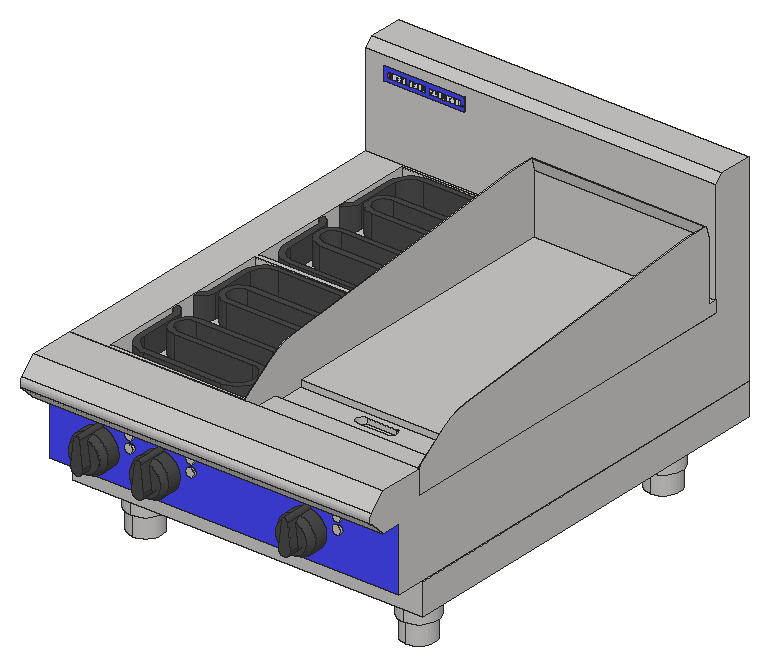
Revit family "QF_MOFFAT_BLUESEAL_CE_E514C-B", category Specialty Equipment, Revit 2012
Parameters
  Width [instance] = 600.0 mm  # constant formula
  Weight in Pounds = 162  # constant formula
  Watts = 8200 W
  Volts = 400 V
  URL Cutsheet = "www.moffat.com"
  URL = "www.moffat.com"
  Type Mark [instance] = ""
  Status [instance] = ""
  Specification by User [instance] = ""
  Specification by Manufacturer = ""
  Show Logo [instance] = yes
  Serial Number = ""
  Seismic Rating = ""
  SMACNA No = ""
  Revision Code [instance] = ""
  Phase = 3
  Omniclass Number and Title = ""
  Number of Poles = 1
  NAFEM Spec ID Number = ""
  Model = "E514C-B"
  Min Ckt Ampacity = 0 A
  Max Overcurrent Protection = 0 A
  Masterspec = ""
  Manufacturer = "MOFFAT BLUESEAL"
  Item Number [instance] = ""
  Installed By [instance] = ""
  Identify Quantity as Lot [instance] = yes
  Height [instance] = 370.0 mm  # constant formula
  HP = ""
  Furnished By [instance] = ""
  Foodservice Equipment Identifier [instance] = yes
  FL Amps = 20 A
  Electrical Remarks = "20A PER PHASE"
  Elec Conn RI Height = 0.0 mm
  Elec Conn Connection Height = 0.0 mm
  Description = "600MM ELECTRIC COOK TOP & GRIDDLE BENCH MOUNT"
  Depth [instance] = 812.0 mm  # constant formula
  Cycle = 50 Hz
  Conn Plug = ""
  Conn Conduit = yes
  CSI MasterFormat = ""
  CSI Master Format = ""
  Base Height [instance] = 85.0 mm
  Apparent Power = if(Phase = 3, Volts * FL Amps * 1.73, Volts * FL Amps)  # 13840 VA
Reference planes
  plane 1 "BACK": y = 0
  plane 2: z = 0
  plane 3 "LEFT": x = 0
  plane 4 "RIGHT": x = 600
  plane 5 "FRONT": y = -812
  plane 6 "TOP": z = 375
  plane 7 "Center Y": x = 300
  plane 8 "Center X": y = -406
  plane 9 "Base Height": z = 85
  plane 10: x = 65
  plane 11: x = 535
  plane 12: z = 485
  plane 13: y = -100
  plane 14: y = -625
Forms (mm)
  Extrusion 1, solid, material "QF_Finishes_Stainless Steel"
    sketch origin (0, 0, 0) x (0, 1, 0) y (0, 0, 1)
      loop
        line (0, 140) -> (0, 485) -> (-57.5, 485) -> (-70, 472.5) -> (-70, 275) -> (-705, 275) -> (-705, 315) -> (-783.97, 315) -> (-808.485, 290.485)
        arc (-808.485, 290.485) -> (-811.999, 282) -> (-808.485, 273.515) r 12
        line (-808.485, 273.515) -> (-784.97, 250) -> (-749, 250) -> (-749, 140) -> (0, 140)
      loop
        line (0, 85) -> (0, 139.206) -> (-699, 139.206) -> (-699, 85) -> (0, 85)
    from 0 to 600
  Revolve 2, solid, material "QF_Finishes_Stainless Steel"
    sketch origin (534.5, -210, 0) x (0, 1, 0) y (0, 0, -1)
      loop
        line (78.25, -85) -> (110, -85) -> (110, 0) -> (82.5, 0) -> (82.5, -35) -> (78.25, -35) -> (78.25, -85)
      axis (110, -85) -> (110, 0)
    angle from 0 to 360
  Revolve 3, solid, material "QF_Finishes_Stainless Steel"
    sketch origin (65.5, -210, 0) x (0, 1, 0) y (0, 0, 1)
      loop
        line (78.25, 85) -> (78.25, 35) -> (82.5, 35) -> (82.5, 0) -> (110, 0) -> (110, 85) -> (78.25, 85)
      axis (110, 85) -> (110, 0)
    angle from 0 to 360
  Extrusion 4, void
    sketch origin (0, -706, 139.206) x (0, 1, 0) y (-1, 0, 0)
      loop
        circle (674, -470) r 13.5
    from 0 to -86.704
  Revolve 5, solid, material "QF_Finishes_Black"
    sketch origin (93.995, 7, -7.2) x (0, 1, 0) y (0, 0, -1)
      loop
        line (-789, -234.5) -> (-766, -234.5) -> (-766, -207) -> (-756, -207) -> (-756, -202) -> (-800, -202) -> (-800, -228.651) -> (-789, -234.5)
      axis (-800, -202) -> (-756, -202)
    angle from 0 to 360
  Extrusion 6, solid, material "QF_Finishes_Black"
    sketch origin (232.265, 0, -7.042) x (-1, 0, 0) y (0, 0, -1)
      loop
        line (143.268, -233.955) -> (148.757, -189.87)
        arc (148.757, -189.87) -> (137.685, -179.371) -> (127.85, -191.037) r 10.487
        line (127.85, -191.037) -> (133.271, -233.955)
        arc (133.271, -233.955) -> (138.27, -238.842) -> (143.268, -233.955) r 5
    from 759 to 808
  Revolve 7, solid, material "QF_Finishes_Stainless Steel"
    sketch origin (534.5, -728, 0) x (0, 1, 0) y (0, 0, -1)
      loop
        line (71.25, -85) -> (103, -85) -> (103, 0) -> (75.5, 0) -> (75.5, -35) -> (71.25, -35) -> (71.25, -85)
      axis (103, -85) -> (103, 0)
    angle from 0 to 360
  Revolve 8, solid, material "QF_Finishes_Stainless Steel"
    sketch origin (65.5, -728, 0) x (0, 1, 0) y (0, 0, 1)
      loop
        line (71.25, 85) -> (71.25, 35) -> (75.5, 35) -> (75.5, 0) -> (103, 0) -> (103, 85) -> (71.25, 85)
      axis (103, 85) -> (103, 0)
    angle from 0 to 360
  Extrusion 9, solid, material "QF_Finishes_Stainless Steel"
    sketch origin (0, -706, 139.206) x (0, 1, 0) y (-1, 0, 0)
      loop
        circle (675, -469.75) r 6.35
    from 0 to -24.206
  Extrusion 10, solid, material "QF_Finishes_Stainless Steel"
    sketch origin (-40, -749, 250) x (0, 0, -1) y (1, 0, 0)
      loop
        circle (45.2, 179) r 7.15
      loop
        circle (25.2, 179) r 7.15
    from 0 to 3.2
  Revolve 11, solid, material "QF_Finishes_Black"
    sketch origin (198.995, 7, -7.2) x (0, 1, 0) y (0, 0, -1)
      loop
        line (-789, -234.5) -> (-766, -234.5) -> (-766, -207) -> (-756, -207) -> (-756, -202) -> (-800, -202) -> (-800, -228.651) -> (-789, -234.5)
      axis (-800, -202) -> (-756, -202)
    angle from 0 to 360
  Extrusion 12, solid, material "QF_Finishes_Black"
    sketch origin (337.265, 0, -7.042) x (-1, 0, 0) y (0, 0, -1)
      loop
        line (143.268, -233.955) -> (148.757, -189.87)
        arc (148.757, -189.87) -> (137.685, -179.371) -> (127.85, -191.037) r 10.487
        line (127.85, -191.037) -> (133.271, -233.955)
        arc (133.271, -233.955) -> (138.27, -238.842) -> (143.268, -233.955) r 5
    from 759 to 808
  Extrusion 13, solid, material "QF_Finishes_Stainless Steel"
    sketch origin (65, -749, 250) x (0, 0, -1) y (1, 0, 0)
      loop
        circle (45.2, 179) r 7.15
      loop
        circle (25.2, 179) r 7.15
    from 0 to 3.2
  Revolve 14, solid, material "QF_Finishes_Black"
    sketch origin (450.3, 7, -7.2) x (0, 1, 0) y (0, 0, -1)
      loop
        line (-789, -234.5) -> (-766, -234.5) -> (-766, -207) -> (-756, -207) -> (-756, -202) -> (-800, -202) -> (-800, -228.651) -> (-789, -234.5)
      axis (-800, -202) -> (-756, -202)
    angle from 0 to 360
  Extrusion 15, solid, material "QF_Finishes_Black"
    sketch origin (588.57, 0, -7.042) x (-1, 0, 0) y (0, 0, -1)
      loop
        line (143.268, -233.955) -> (148.757, -189.87)
        arc (148.757, -189.87) -> (137.685, -179.371) -> (127.85, -191.037) r 10.487
        line (127.85, -191.037) -> (133.271, -233.955)
        arc (133.271, -233.955) -> (138.27, -238.842) -> (143.268, -233.955) r 5
    from 759 to 808
  Extrusion 16, solid, material "QF_Finishes_Stainless Steel"
    sketch origin (316.305, -749, 250) x (0, 0, -1) y (1, 0, 0)
      loop
        circle (45.2, 179) r 7.15
      loop
        circle (25.2, 179) r 7.15
    from 0 to 3.2
Cuts and joins
  joined: Revolve 5, Extrusion 6
  Extrusion 4 cuts Extrusion 1
Lines and regions (mm)
  Split face 1
    outline origin (600, 0, 485) x (-1, 0, 0) y (0, -1, 0)
      loop
        arc (556, 18.385) -> (564.66, 23.385) -> (564.66, 33.385) r 10
        line (564.66, 33.385) -> (560.619, 40.385)
        arc (560.619, 40.385) -> (556.959, 44.045) -> (551.959, 45.385) r 10
        line (551.959, 45.385) -> (324, 45.385)
        arc (324, 45.385) -> (315.34, 40.385) -> (315.34, 30.385) r 10
        line (315.34, 30.385) -> (319.381, 23.385)
        arc (319.381, 23.385) -> (323.041, 19.725) -> (328.041, 18.385) r 10
        line (328.041, 18.385) -> (556, 18.385)
  Split face 2
    outline origin (600, 0, 485) x (-1, 0, 0) y (0, -1, 0)
      loop
        arc (276, 18.385) -> (284.66, 23.385) -> (284.66, 33.385) r 10
        line (284.66, 33.385) -> (280.619, 40.385)
        arc (280.619, 40.385) -> (276.959, 44.045) -> (271.959, 45.385) r 10
        line (271.959, 45.385) -> (44, 45.385)
        arc (44, 45.385) -> (35.34, 40.385) -> (35.34, 30.385) r 10
        line (35.34, 30.385) -> (39.381, 23.385)
        arc (39.381, 23.385) -> (43.041, 19.725) -> (48.041, 18.385) r 10
        line (48.041, 18.385) -> (276, 18.385)
  symbolic lines
    curve 1: line (0, -812, 0) -> (600, -812, 0)
    curve 2: line (0, 0, 0) -> (0, -812, 0)
    curve 3: line (600, 0, 0) -> (0, 0, 0)
    curve 4: line (600, -812, 0) -> (600, 0, 0)
    curve 5: line (0, -57.5, 0) -> (600, -57.5, 0)
    curve 6: line (48.041, -45.385, 0) -> (276, -45.385, 0)
    curve 7: arc (276, -45.385, 0) -> (284.66, -40.385, 0) -> (284.66, -30.385, 0) r 10
    curve 8: line (284.66, -30.385, 0) -> (280.619, -23.385, 0)
    curve 9: arc (280.619, -23.385, 0) -> (276.959, -19.725, 0) -> (271.959, -18.385, 0) r 10
    curve 10: line (271.959, -18.385, 0) -> (44, -18.385, 0)
    curve 11: arc (44, -18.385, 0) -> (35.34, -23.385, 0) -> (35.34, -33.385, 0) r 10
    curve 12: line (35.34, -33.385, 0) -> (39.381, -40.385, 0)
    curve 13: arc (39.381, -40.385, 0) -> (43.041, -44.045, 0) -> (48.041, -45.385, 0) r 10
    curve 14: line (556, -45.385, 0) -> (328.041, -45.385, 0)
    curve 15: arc (328.041, -45.385, 0) -> (323.041, -44.045, 0) -> (319.381, -40.385, 0) r 10
    curve 16: line (319.381, -40.385, 0) -> (315.34, -33.385, 0)
    curve 17: arc (315.34, -33.385, 0) -> (315.34, -23.385, 0) -> (324, -18.385, 0) r 10
    curve 18: line (324, -18.385, 0) -> (551.959, -18.385, 0)
    curve 19: arc (551.959, -18.385, 0) -> (556.959, -19.725, 0) -> (560.619, -23.385, 0) r 10
    curve 20: line (560.619, -23.385, 0) -> (564.66, -30.385, 0)
    curve 21: arc (564.66, -30.385, 0) -> (564.66, -40.385, 0) -> (556, -45.385, 0) r 10
    curve 22: line (0, -70, 0) -> (600, -70, 0)
    curve 23: line (0, -783.97, 0) -> (600, -783.97, 0)
Dimensions and locks
  equal spacing: plane 3 "LEFT", plane 7 "Center Y", plane 4 "RIGHT"
  "Width": plane 3 "LEFT" to plane 4 "RIGHT"
  equal spacing: plane 5 "FRONT", plane 8 "Center X", plane 1 "BACK"
  "Depth": plane 5 "FRONT" to plane 1 "BACK"
  "Base Height": plane 9 "Base Height" to level
  locked: plane 6 "TOP" to plane 9 "Base Height" at 290
  plane 6 "TOP" to level = 375.0 mm
  locked: plane 12 to plane 2 at 485
  Extrusion 9 sketch curve to plane 1 "BACK" = 31.0 mm
  cut or joined group of Extrusion 1, Extrusion 4 to plane 2 = 315.0 mm
  aligned and locked: level to plane 2
  aligned and locked: Revolve 3 sketch curve to plane 9 "Base Height"
Automatic sketch dimensions
  curve 1 to plane 3 "LEFT" = 0.0 mm
  curve 5 to plane 4 "RIGHT" = 0.0 mm
  plane 5 "FRONT" to curve 1 = 0.0 mm
  plane 1 "BACK" to curve 4 = 0.0 mm
  curve 11 to plane 10 = 29.66 mm
  curve 12 to curve 13 = 4.041 mm
  curve 11 to curve 11 = 8.66 mm
  curve 12 to curve 13 = 8.66 mm
  curve 10 to plane 7 "Center Y" = 28.041 mm
  curve 9 to curve 7 = 4.041 mm
  curve 9 to curve 8 = 8.66 mm
  curve 8 to curve 8 = 4.041 mm
  plane 7 "Center Y" to curve 16 = 15.34 mm
  curve 16 to curve 16 = 4.041 mm
  curve 17 to curve 17 = 8.66 mm
  curve 16 to curve 14 = 8.66 mm
  curve 19 to plane 11 = 16.959 mm
  curve 19 to curve 21 = 4.041 mm
  curve 19 to curve 19 = 8.66 mm
  curve 19 to curve 20 = 4.041 mm
  curve 23 to plane 5 "FRONT" = 28.03 mm
  plane 13 to curve 22 = 30.0 mm
  curve 22 to curve 5 = 12.5 mm
  plane 1 "BACK" to curve 6 = 45.385 mm
  plane 1 "BACK" to curve 14 = 45.385 mm
  curve 6 to curve 12 = 5.0 mm
  curve 14 to curve 15 = 5.0 mm
  curve 6 to curve 7 = 10.0 mm
  curve 14 to curve 21 = 10.0 mm
  curve 13 to curve 12 = 7.0 mm
  curve 16 to curve 17 = 7.0 mm
  curve 7 to curve 9 = 7.0 mm
  curve 13 to curve 11 = 7.0 mm
  curve 21 to curve 19 = 7.0 mm
  curve 15 to curve 17 = 7.0 mm
  Extrusion 1 sketch curve to plane 9 "Base Height" = 0.0 mm
  Extrusion 1 sketch curve to plane 12 = 0.0 mm
  Extrusion 1 sketch curve to plane 1 "BACK" = 0.0 mm  (x2)
  plane 13 to Extrusion 1 sketch curve = 42.5 mm
  Extrusion 1 sketch curve to plane 12 = 12.5 mm
  Extrusion 1 sketch curve to Extrusion 1 sketch curve = 12.5 mm
  Extrusion 1 sketch curve to plane 14 = 74.0 mm
  Extrusion 1 sketch curve to plane 14 = 80.0 mm
  Extrusion 1 sketch curve to Extrusion 1 sketch curve = 44.0 mm
  Extrusion 1 sketch curve to plane 5 "FRONT" = 28.03 mm
  Extrusion 1 sketch curve to plane 5 "FRONT" = 27.03 mm
  Extrusion 1 sketch curve to plane 5 "FRONT" = 12.001 mm
  Extrusion 1 sketch curve to plane 5 "FRONT" = 3.515 mm  (x2)
  plane 9 "Base Height" to Extrusion 1 sketch curve = 54.206 mm
  Extrusion 1 sketch curve to Extrusion 1 sketch curve = 0.794 mm
  Extrusion 1 sketch curve to Extrusion 1 sketch curve = 110.0 mm
  Extrusion 1 sketch curve to Extrusion 1 sketch curve = 23.515 mm
  Extrusion 1 sketch curve to Extrusion 1 sketch curve = 25.0 mm
  Extrusion 1 sketch curve to Extrusion 1 sketch curve = 8.485 mm
  Extrusion 1 sketch curve to Extrusion 1 sketch curve = 24.515 mm
  Revolve 2 sketch curve to plane 9 "Base Height" = 0.0 mm
  Revolve 2 sketch curve to level = 0.0 mm
  Revolve 2 sketch curve to plane 13 = 0.0 mm  (x2)
  Revolve 2 sketch curve to plane 13 = 27.5 mm
  Revolve 2 sketch curve to plane 13 = 31.75 mm
  Revolve 2 sketch curve to Revolve 2 sketch curve = 30.0 mm
  Revolve 2 sketch curve to Revolve 2 sketch curve = 20.0 mm
  Revolve 2 sketch curve to Revolve 2 sketch curve = 55.0 mm
  Revolve 3 sketch curve to level = 0.0 mm
  Revolve 3 sketch curve to plane 13 = 0.0 mm  (x2)
  Revolve 3 sketch curve to Revolve 3 sketch curve = 27.5 mm
  Revolve 3 sketch curve to Revolve 3 sketch curve = 31.75 mm
  Revolve 3 sketch curve to Revolve 3 sketch curve = 55.0 mm
  level to Revolve 3 sketch curve = 35.0 mm
  Revolve 3 sketch curve to plane 9 "Base Height" = 30.0 mm
  Extrusion 1 to Extrusion 4 sketch curve = 32.0 mm
  Extrusion 1 to Extrusion 4 sketch curve = 130.0 mm
  Revolve 5 sketch curve to plane 5 "FRONT" = 19.0 mm
  Revolve 5 sketch curve to Revolve 5 sketch curve = 0.0 mm  (x2)
  Revolve 5 sketch curve to Revolve 5 sketch curve = 11.0 mm
  Revolve 5 sketch curve to Revolve 5 sketch curve = 12.7 mm
  Revolve 5 sketch curve to Revolve 5 sketch curve = 23.0 mm
  Revolve 5 sketch curve to Revolve 5 sketch curve = 10.0 mm
  plane 9 "Base Height" to Revolve 5 sketch curve = 142.3 mm
  Revolve 5 sketch curve to Revolve 5 sketch curve = 5.849 mm
  Revolve 5 sketch curve to Revolve 5 sketch curve = 27.5 mm
  Revolve 5 sketch curve to Revolve 5 sketch curve = 5.0 mm
  plane 10 to Extrusion 6 sketch curve = 39.415 mm
  plane 10 to Extrusion 6 sketch curve = 33.994 mm
  Extrusion 6 sketch curve to Extrusion 6 sketch curve = 4.999 mm  (x2)
  Extrusion 6 sketch curve to Extrusion 6 sketch curve = 10.419 mm
  Extrusion 6 sketch curve to Extrusion 6 sketch curve = 10.487 mm
  plane 9 "Base Height" to Extrusion 6 sketch curve = 141.913 mm
  Extrusion 6 sketch curve to Extrusion 6 sketch curve = 0.113 mm
  Extrusion 6 sketch curve to Extrusion 6 sketch curve = 42.919 mm
  Extrusion 6 sketch curve to Extrusion 6 sketch curve = 1.167 mm
  Revolve 7 sketch curve to plane 9 "Base Height" = 0.0 mm
  Revolve 7 sketch curve to level = 0.0 mm
  Revolve 7 sketch curve to plane 14 = 0.0 mm  (x2)
  Revolve 7 sketch curve to plane 14 = 27.5 mm
  Revolve 7 sketch curve to Revolve 7 sketch curve = 31.75 mm
  Revolve 7 sketch curve to Revolve 7 sketch curve = 30.0 mm
  Revolve 7 sketch curve to Revolve 7 sketch curve = 20.0 mm
  Revolve 7 sketch curve to level = 55.0 mm
  Revolve 8 sketch curve to plane 9 "Base Height" = 0.0 mm
  Revolve 8 sketch curve to level = 0.0 mm
  Revolve 8 sketch curve to plane 14 = 0.0 mm  (x2)
  Revolve 8 sketch curve to Revolve 8 sketch curve = 27.5 mm
  Revolve 8 sketch curve to Revolve 8 sketch curve = 31.75 mm
  Revolve 8 sketch curve to level = 55.0 mm
  Revolve 8 sketch curve to Revolve 8 sketch curve = 35.0 mm
  Revolve 8 sketch curve to Revolve 8 sketch curve = 30.0 mm
  Extrusion 1 to Extrusion 9 sketch curve = 130.25 mm
  Split face 1 sketch curve to cut or joined group of Extrusion 1, Extrusion 4 = 27.115 mm
  Split face 1 sketch curve to cut or joined group of Extrusion 1, Extrusion 4 = 284.66 mm
  Split face 1 sketch curve to Split face 1 sketch curve = 4.041 mm  (x4)
  Split face 1 sketch curve to Split face 1 sketch curve = 8.66 mm  (x2)
  Split face 1 sketch curve to cut or joined group of Extrusion 1, Extrusion 4 = 12.115 mm
  Split face 1 sketch curve to cut or joined group of Extrusion 1, Extrusion 4 = 48.041 mm
  Split face 1 sketch curve to Split face 1 sketch curve = 7.0 mm  (x3)
  Split face 1 sketch curve to Split face 1 sketch curve = 17.0 mm
  Split face 2 sketch curve to cut or joined group of Extrusion 1, Extrusion 4 = 35.34 mm
  Split face 2 sketch curve to Split face 2 sketch curve = 4.041 mm  (x4)
  Split face 2 sketch curve to Split face 2 sketch curve = 8.66 mm  (x2)
  Split face 2 sketch curve to cut or joined group of Extrusion 1, Extrusion 4 = 12.115 mm
  Split face 2 sketch curve to Split face 2 sketch curve = 223.917 mm
  Split face 2 sketch curve to Split face 2 sketch curve = 5.0 mm
  Split face 2 sketch curve to Split face 2 sketch curve = 10.0 mm
  Split face 2 sketch curve to Split face 2 sketch curve = 7.0 mm  (x3)
  Extrusion 1 to Extrusion 10 sketch curve = 25.2 mm
  Extrusion 10 sketch curve to Extrusion 10 sketch curve = 20.0 mm
  Extrusion 1 to Extrusion 10 sketch curve = 139.0 mm
  Extrusion 10 sketch curve to Extrusion 10 sketch curve = 0.0 mm
  Revolve 11 sketch curve to plane 5 "FRONT" = 19.0 mm
  Revolve 11 sketch curve to Revolve 11 sketch curve = 0.0 mm  (x2)
  Revolve 11 sketch curve to Revolve 11 sketch curve = 11.0 mm
  Revolve 11 sketch curve to Revolve 11 sketch curve = 12.7 mm
  Revolve 11 sketch curve to Revolve 11 sketch curve = 23.0 mm
  Revolve 11 sketch curve to Revolve 11 sketch curve = 10.0 mm
  plane 9 "Base Height" to Revolve 11 sketch curve = 142.3 mm
  Revolve 11 sketch curve to Revolve 11 sketch curve = 5.849 mm
  Revolve 11 sketch curve to Revolve 11 sketch curve = 27.5 mm
  Revolve 11 sketch curve to Revolve 11 sketch curve = 5.0 mm
  Extrusion 12 sketch curve to plane 7 "Center Y" = 90.585 mm
  Extrusion 12 sketch curve to Extrusion 12 sketch curve = 5.421 mm
  Extrusion 12 sketch curve to Extrusion 12 sketch curve = 4.999 mm  (x2)
  Extrusion 12 sketch curve to Extrusion 12 sketch curve = 10.419 mm
  plane 9 "Base Height" to Extrusion 12 sketch curve = 97.828 mm
  Extrusion 12 sketch curve to Extrusion 12 sketch curve = 10.487 mm
  Extrusion 12 sketch curve to Extrusion 12 sketch curve = 1.167 mm
  Extrusion 12 sketch curve to Extrusion 12 sketch curve = 44.0 mm
  Extrusion 12 sketch curve to Extrusion 12 sketch curve = 0.113 mm
  Extrusion 1 to Extrusion 13 sketch curve = 25.2 mm
  Extrusion 13 sketch curve to Extrusion 13 sketch curve = 20.0 mm
  Extrusion 1 to Extrusion 13 sketch curve = 244.0 mm
  Extrusion 13 sketch curve to Extrusion 13 sketch curve = 0.0 mm
  Revolve 14 sketch curve to plane 5 "FRONT" = 19.0 mm
  Revolve 14 sketch curve to Revolve 14 sketch curve = 0.0 mm  (x2)
  Revolve 14 sketch curve to Revolve 14 sketch curve = 11.0 mm
  Revolve 14 sketch curve to Revolve 14 sketch curve = 12.7 mm
  Revolve 14 sketch curve to Revolve 14 sketch curve = 23.0 mm
  Revolve 14 sketch curve to Revolve 14 sketch curve = 10.0 mm
  plane 9 "Base Height" to Revolve 14 sketch curve = 142.3 mm
  Revolve 14 sketch curve to Revolve 14 sketch curve = 5.849 mm
  Revolve 14 sketch curve to Revolve 14 sketch curve = 27.5 mm
  Revolve 14 sketch curve to Revolve 14 sketch curve = 5.0 mm
  plane 7 "Center Y" to Extrusion 15 sketch curve = 160.719 mm
  Extrusion 15 sketch curve to Extrusion 15 sketch curve = 5.421 mm
  Extrusion 15 sketch curve to Extrusion 15 sketch curve = 4.999 mm  (x2)
  Extrusion 15 sketch curve to Extrusion 15 sketch curve = 10.419 mm
  Extrusion 15 sketch curve to Extrusion 15 sketch curve = 10.487 mm
  plane 9 "Base Height" to Extrusion 15 sketch curve = 141.913 mm
  Extrusion 15 sketch curve to Extrusion 15 sketch curve = 0.113 mm
  Extrusion 15 sketch curve to Extrusion 15 sketch curve = 42.919 mm
  Extrusion 15 sketch curve to Extrusion 15 sketch curve = 1.167 mm
  Extrusion 1 to Extrusion 16 sketch curve = 25.2 mm
  Extrusion 16 sketch curve to Extrusion 16 sketch curve = 20.0 mm
  Extrusion 1 to Extrusion 16 sketch curve = 104.695 mm
  Extrusion 16 sketch curve to Extrusion 16 sketch curve = 0.0 mm
  radius of Extrusion 4 sketch curve = 13.5 mm
  radius of Extrusion 9 sketch curve = 6.35 mm
  radius of Extrusion 10 sketch curve = 7.15 mm  (x2)
  radius of Extrusion 13 sketch curve = 7.15 mm  (x2)
  radius of Extrusion 16 sketch curve = 7.15 mm  (x2)
Nested families
  nested 1: "WALDORF LOGO_FACE BASE" at (32, -70, 456.885) x (1, 0, 0) z (0, -1, 0), visible <- "Show Logo", type "WALDORF LOGO_FACE BASE", detail levels medium+fine
    with Show Logo yes
  nested 2: "ELECTRIC BURNER & GRIDDLE 600" at (0, -70, 275), type "ELECTRIC BURNER & GRIDDLE 600"
    with Width 600.0 mm, Type Mark "", Status "", Specification by User "", Revision Code "", Item Number "", Installed By "", Identify Quantity as Lot yes, Furnished By "", Foodservice Equipment Identifier yes, Depth 635.0 mm
Connectors
  electrical at (469.75, -31, 115), driven by "Volts", driven by "Watts"
    settings: on Extrusion 9, index 1, voltage 400 V, apparent load 8200 VA, apparent load phase1 0 VA, apparent load phase2 0 VA, apparent load phase3 0 VA, power factor 1, load classification "Other", number of poles 1, system type 30, power factor state 1, is connector primary yes, connector utility no, sub classification motor no, connector description "ELECTRICAL CONNECTION"
Definition of nested family "WALDORF LOGO_FACE BASE"
  Parameters (values of type "WALDORF LOGO_FACE BASE")
    Show Logo [instance] = yes
    Default Elevation = 1219.2 mm
  Reference planes
    plane 1 "Center (Front/Back)": y = 0
    plane 2: z = 0
    plane 3 "Center (Left/Right)": x = 0
  Forms (mm)
    Extrusion 1, solid
      sketch origin (0, 0, 0) x (1, 0, 0) y (0, 1, 0)
        loop
          line (-1219.2, 1219.2) -> (-1219.2, -1219.2) -> (1219.2, -1219.2) -> (1219.2, 1219.2) -> (-1219.2, 1219.2)
      from 0 to -304.8
    Extrusion 2, solid, material "QF_Finishes_Blue", visible <- "Show Logo"
      sketch origin (0, -33.217, 0) x (1, 0, 0) y (0, 1, 0)
        loop
          arc (138, 31.942) -> (137.626, 32.844) -> (136.724, 33.217) r 1.276
          line (136.724, 33.217) -> (1.29, 33.217)
          arc (1.29, 33.217) -> (0.378, 32.839) -> (0, 31.927) r 1.29
          line (0, 31.927) -> (0, 11.507)
          arc (0, 11.507) -> (0.378, 10.595) -> (1.29, 10.217) r 1.29
          line (1.29, 10.217) -> (136.71, 10.217)
          arc (136.71, 10.217) -> (137.622, 10.595) -> (138, 11.507) r 1.29
          line (138, 11.507) -> (138, 31.942)
      from 0 to 1.588
    Extrusion 3, solid, material "QF_Finishes_White", visible <- "Show Logo"
      sketch origin (0, -33.217, 1.588) x (1, 0, 0) y (0, 1, 0)
        loop
          arc (108.946, 25.919) -> (107.613, 25.367) -> (107.061, 24.034) r 1.885
          line (107.061, 24.034) -> (107.061, 17.211) -> (112.704, 17.211) -> (112.704, 19.129) -> (115.546, 19.129) -> (115.546, 17.211) -> (121.584, 17.211) -> (121.584, 24.075)
          arc (121.584, 24.075) -> (121.043, 25.379) -> (119.739, 25.919) r 1.845
          line (119.739, 25.919) -> (108.946, 25.919)
        loop
          line (123.478, 25.919) -> (123.478, 17.163) -> (134.904, 17.163) -> (134.904, 19.129) -> (129.246, 19.129) -> (129.246, 25.919) -> (123.478, 25.919)
        loop
          line (112.704, 21.258) -> (115.546, 21.258) -> (115.546, 22.702)
          arc (115.546, 22.702) -> (115.344, 23.188) -> (114.858, 23.389) r 0.687
          line (114.858, 23.389) -> (113.363, 23.389)
          arc (113.363, 23.389) -> (112.897, 23.196) -> (112.704, 22.73) r 0.658
          line (112.704, 22.73) -> (112.704, 21.258)
        loop
          line (105.071, 25.919) -> (93.771, 25.919) -> (93.771, 17.163) -> (105.071, 17.163) -> (105.071, 19.063) -> (99.535, 19.063) -> (99.535, 20.437) -> (105.071, 20.437) -> (105.071, 22.278) -> (99.535, 22.278) -> (99.535, 23.587) -> (105.071, 23.587) -> (105.071, 25.919)
        loop
          line (91.104, 25.919) -> (79.541, 25.919)
          arc (79.541, 25.919) -> (78.558, 25.513) -> (78.152, 24.53) r 1.389
          line (78.152, 24.53) -> (78.152, 22.08)
          arc (78.152, 22.08) -> (78.558, 21.098) -> (79.541, 20.691) r 1.389
          line (79.541, 20.691) -> (86.346, 20.691) -> (86.346, 18.864) -> (83.266, 18.864) -> (83.266, 19.664) -> (78.152, 19.664) -> (78.152, 18.553)
          arc (78.152, 18.553) -> (78.558, 17.57) -> (79.541, 17.163) r 1.389
          line (79.541, 17.163) -> (91.063, 17.163)
          arc (91.063, 17.163) -> (92.045, 17.57) -> (92.452, 18.553) r 1.389
          line (92.452, 18.553) -> (92.452, 20.691)
          arc (92.452, 20.691) -> (92.045, 21.673) -> (91.063, 22.08) r 1.389
          line (91.063, 22.08) -> (83.266, 22.08) -> (83.266, 23.984) -> (86.346, 23.984) -> (86.346, 22.743) -> (92.452, 22.743) -> (92.452, 24.571)
          arc (92.452, 24.571) -> (92.057, 25.524) -> (91.104, 25.919) r 1.348
        loop
          line (70.705, 25.919) -> (59.405, 25.919) -> (59.405, 17.163) -> (70.705, 17.163) -> (70.705, 19.063) -> (65.169, 19.063) -> (65.169, 20.437) -> (70.705, 20.437) -> (70.705, 22.278) -> (65.169, 22.278) -> (65.169, 23.587) -> (70.705, 23.587) -> (70.705, 25.919)
        loop
          line (57.598, 25.919) -> (51.7, 25.919) -> (51.7, 20.18)
          arc (51.7, 20.18) -> (50.63, 19.11) -> (49.56, 20.18) r 1.07
          line (49.56, 20.18) -> (49.56, 25.919) -> (43.663, 25.919) -> (43.663, 19.049)
          arc (43.663, 19.049) -> (44.215, 17.716) -> (45.548, 17.163) r 1.885
          line (45.548, 17.163) -> (55.71, 17.163)
          arc (55.71, 17.163) -> (57.045, 17.716) -> (57.598, 19.051) r 1.887
          line (57.598, 19.051) -> (57.598, 25.919)
        loop
          line (31.62, 25.919) -> (31.62, 17.163) -> (43.046, 17.163) -> (43.046, 19.129) -> (37.388, 19.129) -> (37.388, 25.919) -> (31.62, 25.919)
        loop
          line (15.969, 25.919) -> (15.969, 17.163) -> (28.693, 17.163)
          arc (28.693, 17.163) -> (29.812, 17.627) -> (30.276, 18.746) r 1.582
          line (30.276, 18.746) -> (30.276, 20.447) -> (29.48, 21.243) -> (30.276, 22.039) -> (30.276, 24.332)
          arc (30.276, 24.332) -> (29.811, 25.454) -> (28.688, 25.919) r 1.587
          line (28.688, 25.919) -> (15.969, 25.919)
        loop
          line (21.449, 24.159) -> (21.449, 22.436) -> (23.862, 22.436)
          arc (23.862, 22.436) -> (24.723, 23.298) -> (23.862, 24.159) r 0.861
          line (23.862, 24.159) -> (21.449, 24.159)
        loop
          line (21.449, 20.244) -> (21.449, 18.522) -> (23.862, 18.522)
          arc (23.862, 18.522) -> (24.723, 19.383) -> (23.862, 20.244) r 0.861
          line (23.862, 20.244) -> (21.449, 20.244)
      from 0 to 0.2
    Extrusion 4, solid, material "QF_Finishes_Blue", visible <- "Show Logo"
      sketch origin (-126.498, -31.09, 1.588) x (1, 0, 0) y (0, 1, 0)
        loop
          line (136.738, 23.522) -> (136.738, 15.1)
          arc (136.738, 15.1) -> (140.756, 19.311) -> (136.738, 23.522) r 4.216
      from 0 to 0.2
    Extrusion 5, solid, material "QF_Finishes_Red", visible <- "Show Logo"
      sketch origin (146.849, -31.09, 1.588) x (-1, 0, 0) y (0, -1, 0)
        loop
          arc (136.738, -23.522) -> (140.756, -19.311) -> (136.738, -15.1) r 4.216
          line (136.738, -15.1) -> (136.738, -23.522)
      from 0 to 0.2
  Lines and regions (mm)
    Split face 1
      outline origin (-90.35, -30.793, 1.588) x (1, 0, 0) y (0, 1, 0)
        loop
          circle (100.54, 19.013) r 4.536
  Dimensions and locks
    aligned and locked: plane 2 to Extrusion 1
    aligned and locked: level to Extrusion 1
Definition of nested family "ELECTRIC BURNER & GRIDDLE 600"
  Parameters (values of type "ELECTRIC BURNER & GRIDDLE 600")
    Width [instance] = 600.0 mm
    Weight in Pounds = 0
    URL Cutsheet = ""
    Type Mark [instance] = ""
    Status [instance] = ""
    Specification by User [instance] = ""
    Specification by Manufacturer = ""
    Serial Number = ""
    Seismic Rating = ""
    SMACNA No = ""
    Revision Code [instance] = ""
    Omniclass Number and Title = ""
    NAFEM Spec ID Number = ""
    Masterspec = ""
    Item Number [instance] = ""
    Installed By [instance] = ""
    Identify Quantity as Lot [instance] = yes
    Furnished By [instance] = ""
    Foodservice Equipment Identifier [instance] = yes
    Depth [instance] = 635.0 mm
    CSI MasterFormat = ""
    CSI Master Format = ""
  Reference planes
    plane 1 "BACK": y = 0
    plane 2: z = 0
    plane 3 "LEFT": x = 0
    plane 4 "RIGHT": x = 600
    plane 5 "FRONT": y = -635
    plane 6 "TOP": z = 142.5
    plane 7 "Center Y": x = 300
    plane 8 "Center X": y = -317.5
    plane 9: x = 65.8
    plane 10: y = -70
  Forms (mm)
    Extrusion 1, solid, material "QF_Finishes_Stainless Steel"
      sketch origin (0, 1, 0) x (0, -1, 0) y (1, 0, 0)
        loop
          line (1, 0) -> (636, 0) -> (636, 300) -> (1, 300) -> (1, 0)
        loop
          line (631, 65.8) -> (631, 294.362) -> (321.251, 294.362) -> (321.251, 65.8) -> (631, 65.8)
        loop
          line (6, 294.362) -> (6, 65.8) -> (313.651, 65.8) -> (313.651, 294.362) -> (6, 294.362)
      from 0 to 40
    Extrusion 2, solid, material "QF_Finishes_Black"
      sketch origin (0, 15.7, 0) x (0, -1, 0) y (1, 0, 0)
        loop
          arc (156.993, 65.612) -> (148.172, 80.048) -> (132.304, 85.912) r 25.79
          line (132.304, 85.912) -> (61.096, 85.912)
          arc (61.096, 85.912) -> (42.545, 94.459) -> (35.45, 113.612) r 26.722
          line (35.45, 113.612) -> (35.45, 246.212)
          arc (35.45, 246.212) -> (63.15, 273.912) -> (90.85, 246.212) r 27.7
          line (90.85, 246.212) -> (90.85, 113.769)
          arc (90.85, 113.769) -> (118.55, 86.069) -> (146.25, 113.769) r 27.7
          line (146.25, 113.769) -> (146.25, 246.212)
          arc (146.25, 246.212) -> (173.95, 273.912) -> (201.65, 246.212) r 27.7
          line (201.65, 246.212) -> (201.65, 114.237)
          arc (201.65, 114.237) -> (229.35, 86.537) -> (257.05, 114.237) r 27.7
          line (257.05, 114.237) -> (257.05, 246.212)
          arc (257.05, 246.212) -> (284.75, 273.912) -> (312.45, 246.212) r 27.7
          line (312.45, 246.212) -> (312.45, 113.612)
          arc (312.45, 113.612) -> (305.355, 94.459) -> (286.804, 85.912) r 26.722
          line (286.804, 85.912) -> (215.596, 85.912)
          arc (215.596, 85.912) -> (199.705, 80.037) -> (190.819, 65.612) r 25.973
          line (190.819, 65.612) -> (201.232, 65.612)
          arc (201.232, 65.612) -> (206.91, 72.964) -> (215.719, 75.912) r 15.973
          line (215.719, 75.912) -> (286.986, 75.912)
          arc (286.986, 75.912) -> (312.551, 87.513) -> (322.45, 113.784) r 36.722
          line (322.45, 113.784) -> (322.45, 246.212)
          arc (322.45, 246.212) -> (284.75, 283.912) -> (247.05, 246.212) r 37.7
          line (247.05, 246.212) -> (247.05, 113.612)
          arc (247.05, 113.612) -> (229.35, 95.912) -> (211.65, 113.612) r 17.7
          line (211.65, 113.612) -> (211.65, 246.212)
          arc (211.65, 246.212) -> (173.95, 283.912) -> (136.25, 246.212) r 37.7
          line (136.25, 246.212) -> (136.25, 113.612)
          arc (136.25, 113.612) -> (118.55, 95.912) -> (100.85, 113.612) r 17.7
          line (100.85, 113.612) -> (100.85, 246.212)
          arc (100.85, 246.212) -> (63.15, 283.912) -> (25.45, 246.212) r 37.7
          line (25.45, 246.212) -> (25.45, 113.784)
          arc (25.45, 113.784) -> (35.349, 87.513) -> (60.914, 75.912) r 36.722
          line (60.914, 75.912) -> (132.193, 75.912)
          arc (132.193, 75.912) -> (140.976, 72.972) -> (146.6, 65.612) r 15.79
          line (146.6, 65.612) -> (156.993, 65.612)
        loop
          arc (469.581, 65.612) -> (460.695, 80.037) -> (444.804, 85.912) r 25.973
          line (444.804, 85.912) -> (373.596, 85.912)
          arc (373.596, 85.912) -> (355.045, 94.459) -> (347.95, 113.612) r 26.722
          line (347.95, 113.612) -> (347.95, 246.212)
          arc (347.95, 246.212) -> (375.65, 273.912) -> (403.35, 246.212) r 27.7
          line (403.35, 246.212) -> (403.35, 114.862)
          arc (403.35, 114.862) -> (431.05, 87.162) -> (458.75, 114.862) r 27.7
          line (458.75, 114.862) -> (458.75, 246.212)
          arc (458.75, 246.212) -> (486.45, 273.912) -> (514.15, 246.212) r 27.7
          line (514.15, 246.212) -> (514.15, 114.862)
          arc (514.15, 114.862) -> (541.85, 87.162) -> (569.55, 114.862) r 27.7
          line (569.55, 114.862) -> (569.55, 246.212)
          arc (569.55, 246.212) -> (597.25, 273.912) -> (624.95, 246.212) r 27.7
          line (624.95, 246.212) -> (624.95, 113.612)
          arc (624.95, 113.612) -> (617.855, 94.459) -> (599.304, 85.912) r 26.722
          line (599.304, 85.912) -> (528.096, 85.912)
          arc (528.096, 85.912) -> (511.987, 79.848) -> (503.282, 65) r 25.79
          line (503.282, 65) -> (513.588, 65)
          arc (513.588, 65) -> (519.162, 72.781) -> (528.207, 75.912) r 15.79
          line (528.207, 75.912) -> (599.486, 75.912)
          arc (599.486, 75.912) -> (625.051, 87.513) -> (634.95, 113.784) r 36.722
          line (634.95, 113.784) -> (634.95, 246.212)
          arc (634.95, 246.212) -> (597.25, 283.912) -> (559.55, 246.212) r 37.7
          line (559.55, 246.212) -> (559.55, 113.612)
          arc (559.55, 113.612) -> (541.85, 95.912) -> (524.15, 113.612) r 17.7
          line (524.15, 113.612) -> (524.15, 246.212)
          arc (524.15, 246.212) -> (486.45, 283.912) -> (448.75, 246.212) r 37.7
          line (448.75, 246.212) -> (448.75, 113.612)
          arc (448.75, 113.612) -> (431.05, 95.912) -> (413.35, 113.612) r 17.7
          line (413.35, 113.612) -> (413.35, 246.212)
          arc (413.35, 246.212) -> (375.65, 283.912) -> (337.95, 246.212) r 37.7
          line (337.95, 246.212) -> (337.95, 113.784)
          arc (337.95, 113.784) -> (347.849, 87.513) -> (373.414, 75.912) r 36.722
          line (373.414, 75.912) -> (444.681, 75.912)
          arc (444.681, 75.912) -> (453.49, 72.964) -> (459.168, 65.612) r 15.973
          line (459.168, 65.612) -> (469.581, 65.612)
      from 0 to 40
  Lines and regions (mm)
    symbolic lines
      curve 1: line (0, -635, 0) -> (600, -635, 0)
      curve 2: line (0, -635, 0) -> (65.8, -635, 0)
      curve 3: line (65.8, -635, 0) -> (65.8, -320.251, 0)
      curve 4: line (65.8, -320.251, 0) -> (294.362, -320.251, 0)
      curve 5: line (294.362, -634.701, 0) -> (305.638, -634.701, 0)
      curve 6: line (534.388, -635, 0) -> (600, -635, 0)
      curve 7: line (113.612, -19.75, 0) -> (246.212, -19.75, 0)
      curve 8: arc (246.212, -19.75, 0) -> (273.912, -47.45, 0) -> (246.212, -75.15, 0) r 27.7
      curve 9: line (246.212, -75.15, 0) -> (113.769, -75.15, 0)
      curve 10: arc (113.769, -75.15, 0) -> (86.069, -102.85, 0) -> (113.769, -130.55, 0) r 27.7
      curve 11: line (113.769, -130.55, 0) -> (246.212, -130.55, 0)
      curve 12: arc (246.212, -130.55, 0) -> (273.912, -158.25, 0) -> (246.212, -185.95, 0) r 27.7
      curve 13: line (246.212, -185.95, 0) -> (114.237, -185.95, 0)
      curve 14: arc (114.237, -185.95, 0) -> (86.537, -213.65, 0) -> (114.237, -241.35, 0) r 27.7
      curve 15: line (114.237, -241.35, 0) -> (246.212, -241.35, 0)
      curve 16: arc (246.212, -241.35, 0) -> (273.912, -269.05, 0) -> (246.212, -296.75, 0) r 27.7
      curve 17: line (246.212, -296.75, 0) -> (113.612, -296.75, 0)
      curve 18: arc (113.612, -296.75, 0) -> (94.459, -289.655, 0) -> (85.912, -271.104, 0) r 26.722
      curve 19: line (85.912, -271.104, 0) -> (85.912, -199.896, 0)
      curve 20: arc (85.912, -199.896, 0) -> (80.037, -184.005, 0) -> (65.612, -175.119, 0) r 25.973
      curve 21: line (65.612, -175.119, 0) -> (65.612, -185.532, 0)
      curve 22: arc (65.612, -185.532, 0) -> (72.964, -191.21, 0) -> (75.912, -200.019, 0) r 15.973
      curve 23: line (75.912, -200.019, 0) -> (75.912, -271.286, 0)
      curve 24: arc (75.912, -271.286, 0) -> (87.513, -296.851, 0) -> (113.784, -306.75, 0) r 36.722
      curve 25: line (113.784, -306.75, 0) -> (246.212, -306.75, 0)
      curve 26: arc (246.212, -306.75, 0) -> (283.912, -269.05, 0) -> (246.212, -231.35, 0) r 37.7
      curve 27: line (246.212, -231.35, 0) -> (113.612, -231.35, 0)
      curve 28: arc (113.612, -231.35, 0) -> (95.912, -213.65, 0) -> (113.612, -195.95, 0) r 17.7
      curve 29: line (113.612, -195.95, 0) -> (246.212, -195.95, 0)
      curve 30: arc (246.212, -195.95, 0) -> (283.912, -158.25, 0) -> (246.212, -120.55, 0) r 37.7
      curve 31: line (246.212, -120.55, 0) -> (113.612, -120.55, 0)
      curve 32: arc (113.612, -120.55, 0) -> (95.912, -102.85, 0) -> (113.612, -85.15, 0) r 17.7
      curve 33: line (113.612, -85.15, 0) -> (246.212, -85.15, 0)
      curve 34: arc (246.212, -85.15, 0) -> (283.912, -47.45, 0) -> (246.212, -9.75, 0) r 37.7
      curve 35: line (246.212, -9.75, 0) -> (113.784, -9.75, 0)
      curve 36: arc (113.784, -9.75, 0) -> (87.513, -19.649, 0) -> (75.912, -45.214, 0) r 36.722
      curve 37: line (75.912, -45.214, 0) -> (75.912, -116.493, 0)
      curve 38: arc (75.912, -116.493, 0) -> (72.972, -125.276, 0) -> (65.612, -130.9, 0) r 15.79
      curve 39: line (65.612, -130.9, 0) -> (65.612, -141.293, 0)
      curve 40: arc (65.612, -141.293, 0) -> (80.048, -132.472, 0) -> (85.912, -116.604, 0) r 25.79
      curve 41: line (85.912, -116.604, 0) -> (85.912, -45.396, 0)
      curve 42: arc (85.912, -45.396, 0) -> (94.459, -26.845, 0) -> (113.612, -19.75, 0) r 26.722
      curve 43: line (246.212, -387.65, 0) -> (114.862, -387.65, 0)
      curve 44: arc (114.862, -387.65, 0) -> (87.162, -415.35, 0) -> (114.862, -443.05, 0) r 27.7
      curve 45: line (114.862, -443.05, 0) -> (246.212, -443.05, 0)
      curve 46: arc (246.212, -443.05, 0) -> (273.912, -470.75, 0) -> (246.212, -498.45, 0) r 27.7
      curve 47: line (246.212, -498.45, 0) -> (114.862, -498.45, 0)
      curve 48: arc (114.862, -498.45, 0) -> (87.162, -526.15, 0) -> (114.862, -553.85, 0) r 27.7
      curve 49: line (114.862, -553.85, 0) -> (246.212, -553.85, 0)
      curve 50: arc (246.212, -553.85, 0) -> (273.912, -581.55, 0) -> (246.212, -609.25, 0) r 27.7
      curve 51: line (246.212, -609.25, 0) -> (113.612, -609.25, 0)
      curve 52: arc (113.612, -609.25, 0) -> (94.459, -602.155, 0) -> (85.912, -583.604, 0) r 26.722
      curve 53: line (85.912, -583.604, 0) -> (85.912, -512.396, 0)
      curve 54: arc (85.912, -512.396, 0) -> (79.848, -496.287, 0) -> (65, -487.582, 0) r 25.79
      curve 55: line (65, -487.582, 0) -> (65, -497.888, 0)
      curve 56: arc (65, -497.888, 0) -> (72.781, -503.462, 0) -> (75.912, -512.507, 0) r 15.79
      curve 57: line (75.912, -512.507, 0) -> (75.912, -583.786, 0)
      curve 58: arc (75.912, -583.786, 0) -> (87.513, -609.351, 0) -> (113.784, -619.25, 0) r 36.722
      curve 59: line (113.784, -619.25, 0) -> (246.212, -619.25, 0)
      curve 60: arc (246.212, -619.25, 0) -> (283.912, -581.55, 0) -> (246.212, -543.85, 0) r 37.7
      curve 61: line (246.212, -543.85, 0) -> (113.612, -543.85, 0)
      curve 62: arc (113.612, -543.85, 0) -> (95.912, -526.15, 0) -> (113.612, -508.45, 0) r 17.7
      curve 63: line (113.612, -508.45, 0) -> (246.212, -508.45, 0)
      curve 64: arc (246.212, -508.45, 0) -> (283.912, -470.75, 0) -> (246.212, -433.05, 0) r 37.7
      curve 65: line (246.212, -433.05, 0) -> (113.612, -433.05, 0)
      curve 66: arc (113.612, -433.05, 0) -> (95.912, -415.35, 0) -> (113.612, -397.65, 0) r 17.7
      curve 67: line (113.612, -397.65, 0) -> (246.212, -397.65, 0)
      curve 68: arc (246.212, -397.65, 0) -> (283.912, -359.95, 0) -> (246.212, -322.25, 0) r 37.7
      curve 69: line (246.212, -322.25, 0) -> (113.784, -322.25, 0)
      curve 70: arc (113.784, -322.25, 0) -> (87.513, -332.149, 0) -> (75.912, -357.714, 0) r 36.722
      curve 71: line (75.912, -357.714, 0) -> (75.912, -428.981, 0)
      curve 72: arc (75.912, -428.981, 0) -> (72.964, -437.79, 0) -> (65.612, -443.468, 0) r 15.973
      curve 73: line (65.612, -443.468, 0) -> (65.612, -453.881, 0)
      curve 74: arc (65.612, -453.881, 0) -> (80.037, -444.995, 0) -> (85.912, -429.104, 0) r 25.973
      curve 75: line (85.912, -429.104, 0) -> (85.912, -357.896, 0)
      curve 76: arc (85.912, -357.896, 0) -> (94.459, -339.345, 0) -> (113.612, -332.25, 0) r 26.722
      curve 77: line (113.612, -332.25, 0) -> (246.212, -332.25, 0)
      curve 78: arc (246.212, -332.25, 0) -> (273.912, -359.95, 0) -> (246.212, -387.65, 0) r 27.7
      curve 79: line (0, 0, 0) -> (0, -635, 0)
      curve 80: line (0, -635, 0) -> (600, -635, 0)
      curve 81: line (600, -635, 0) -> (600, 0, 0)
      curve 82: line (600, 0, 0) -> (0, 0, 0)
      curve 83: line (65.8, -320.251, 0) -> (294.362, -320.251, 0)
      curve 84: line (294.362, -320.251, 0) -> (294.362, -630, 0)
      curve 85: line (294.362, -630, 0) -> (65.8, -630, 0)
      curve 86: line (65.8, -630, 0) -> (65.8, -320.251, 0)
      curve 87: line (65.8, -312.651, 0) -> (65.8, -5, 0)
      curve 88: line (65.8, -5, 0) -> (294.362, -5, 0)
      curve 89: line (294.362, -5, 0) -> (294.362, -312.651, 0)
      curve 90: line (294.362, -312.651, 0) -> (65.8, -312.651, 0)
  Dimensions and locks
    equal spacing: plane 3 "LEFT", plane 7 "Center Y", plane 4 "RIGHT"
    "Width": plane 3 "LEFT" to plane 4 "RIGHT"
    equal spacing: plane 5 "FRONT", plane 8 "Center X", plane 1 "BACK"
    "Depth": plane 5 "FRONT" to plane 1 "BACK"
    aligned and locked: level to plane 2
  Automatic sketch dimensions
    Extrusion 2 sketch curve to Extrusion 2 sketch curve = 0.0 mm  (x35)
    plane 1 "BACK" to Extrusion 2 sketch curve = 9.75 mm
    Extrusion 2 sketch curve to Extrusion 2 sketch curve = 10.0 mm  (x2)
    plane 1 "BACK" to Extrusion 2 sketch curve = 45.214 mm
    Extrusion 2 sketch curve to Extrusion 2 sketch curve = 0.182 mm  (x4)
    Extrusion 2 sketch curve to Extrusion 2 sketch curve = 26.704 mm  (x3)
    Extrusion 2 sketch curve to Extrusion 2 sketch curve = 27.7 mm  (x8)
    Extrusion 2 sketch curve to Extrusion 2 sketch curve = 17.7 mm  (x4)
    Extrusion 2 sketch curve to Extrusion 2 sketch curve = 4.457 mm
    Extrusion 2 sketch curve to Extrusion 2 sketch curve = 0.4 mm
    Extrusion 2 sketch curve to Extrusion 2 sketch curve = 0.111 mm  (x2)
    Extrusion 2 sketch curve to Extrusion 2 sketch curve = 14.806 mm
    Extrusion 2 sketch curve to Extrusion 2 sketch curve = 10.393 mm
    Extrusion 2 sketch curve to Extrusion 2 sketch curve = 33.826 mm
    Extrusion 2 sketch curve to Extrusion 2 sketch curve = 10.413 mm  (x2)
    Extrusion 2 sketch curve to Extrusion 2 sketch curve = 14.364 mm
    Extrusion 2 sketch curve to Extrusion 2 sketch curve = 0.123 mm  (x2)
    Extrusion 2 sketch curve to Extrusion 2 sketch curve = 0.447 mm  (x2)
    Extrusion 2 sketch curve to Extrusion 2 sketch curve = 1.058 mm  (x3)
    Extrusion 2 sketch curve to plane 8 "Center X" = 4.75 mm
    Extrusion 2 sketch curve to plane 8 "Center X" = 40.214 mm
    Extrusion 2 sketch curve to Extrusion 2 sketch curve = 4.516 mm
    Extrusion 2 sketch curve to Extrusion 2 sketch curve = 14.934 mm
    Extrusion 2 sketch curve to Extrusion 2 sketch curve = 33.7 mm
    Extrusion 2 sketch curve to Extrusion 2 sketch curve = 10.306 mm
    Extrusion 2 sketch curve to Extrusion 2 sketch curve = 14.508 mm
    Extrusion 2 sketch curve to Extrusion 2 sketch curve = 15.019 mm
    plane 3 "LEFT" to Extrusion 2 sketch curve = 59.946 mm  (x2)
    plane 3 "LEFT" to Extrusion 2 sketch curve = 60.128 mm  (x2)
    Extrusion 2 sketch curve to Extrusion 2 sketch curve = 4.872 mm
    Extrusion 2 sketch curve to Extrusion 2 sketch curve = 5.667 mm  (x2)
    Extrusion 2 sketch curve to Extrusion 2 sketch curve = 5.484 mm
    Extrusion 2 sketch curve to Extrusion 2 sketch curve = 26.701 mm  (x4)
    Extrusion 2 sketch curve to Extrusion 2 sketch curve = 0.999 mm  (x2)
    Extrusion 2 sketch curve to Extrusion 2 sketch curve = 0.156 mm
    Extrusion 2 sketch curve to Extrusion 2 sketch curve = 0.625 mm
    Extrusion 2 sketch curve to Extrusion 2 sketch curve = 1.25 mm  (x2)
    Extrusion 2 sketch curve to plane 7 "Center Y" = 53.788 mm  (x3)
    curve 1 to plane 4 "RIGHT" = 0.0 mm
    curve 1 to plane 3 "LEFT" = 0.0 mm
    plane 5 "FRONT" to curve 1 = 0.0 mm
    plane 3 "LEFT" to curve 3 = 65.8 mm
    curve 5 to plane 5 "FRONT" = 0.299 mm
    curve 5 to plane 7 "Center Y" = 5.638 mm
    plane 7 "Center Y" to curve 5 = 5.638 mm
    curve 4 to plane 8 "Center X" = 2.751 mm
    curve 8 to curve 34 = 0.0 mm  (x2)
    curve 12 to curve 30 = 0.0 mm  (x2)
    curve 16 to curve 26 = 0.0 mm  (x2)
    curve 18 to curve 24 = 0.0 mm  (x2)
    curve 20 to curve 22 = 0.0 mm  (x2)
    curve 36 to curve 42 = 0.0 mm  (x2)
    curve 38 to curve 40 = 0.0 mm  (x2)
    plane 3 "LEFT" to curve 20 = 59.946 mm
    plane 3 "LEFT" to curve 40 = 60.128 mm
    curve 38 to curve 39 = 5.484 mm
    curve 20 to curve 22 = 5.667 mm
    curve 20 to curve 22 = 15.967 mm
    curve 22 to curve 20 = 10.0 mm
    curve 37 to curve 42 = 10.0 mm
    curve 41 to curve 42 = 26.701 mm
    curve 19 to curve 24 = 26.701 mm
    curve 19 to curve 28 = 27.7 mm
    curve 41 to curve 31 = 27.7 mm
    curve 18 to curve 18 = 0.999 mm
    curve 36 to curve 7 = 0.999 mm
    curve 32 to curve 11 = 0.156 mm
    curve 42 to curve 35 = 0.172 mm
    curve 17 to curve 25 = 0.172 mm
    curve 28 to curve 14 = 0.625 mm
    curve 26 to plane 7 "Center Y" = 53.788 mm
    curve 13 to curve 26 = 0.0 mm
    plane 1 "BACK" to curve 35 = 9.75 mm
    plane 8 "Center X" to curve 25 = 10.75 mm
    curve 24 to curve 17 = 10.0 mm
    curve 16 to curve 26 = 27.7 mm
    curve 27 to curve 14 = 17.7 mm
    curve 28 to curve 14 = 0.0 mm
    curve 20 to curve 28 = 4.516 mm
    curve 20 to curve 22 = 0.447 mm
    curve 22 to curve 20 = 0.123 mm
    curve 12 to curve 30 = 27.7 mm
    curve 20 to curve 39 = 33.826 mm
    curve 39 to curve 38 = 10.393 mm
    curve 38 to curve 40 = 14.296 mm
    curve 31 to curve 32 = 17.7 mm
    curve 32 to curve 10 = 0.0 mm
    curve 36 to curve 42 = 26.704 mm
    curve 46 to curve 64 = 0.0 mm  (x2)
    curve 50 to curve 60 = 0.0 mm  (x2)
    curve 52 to curve 58 = 0.0 mm  (x2)
    curve 54 to curve 56 = 0.0 mm  (x2)
    curve 68 to curve 78 = 0.0 mm  (x2)
    curve 70 to curve 76 = 0.0 mm  (x2)
    curve 72 to curve 74 = 0.0 mm  (x2)
    plane 3 "LEFT" to curve 72 = 59.946 mm
    plane 3 "LEFT" to curve 54 = 60.128 mm
    curve 54 to curve 54 = 4.872 mm
    curve 72 to curve 74 = 5.667 mm
    curve 2 to curve 58 = 10.112 mm
    curve 3 to curve 70 = 10.112 mm
    curve 72 to curve 74 = 10.0 mm
    curve 56 to curve 53 = 10.0 mm
    curve 53 to curve 58 = 26.701 mm
    curve 75 to curve 70 = 26.701 mm
    curve 52 to curve 52 = 0.999 mm
    curve 52 to curve 61 = 0.999 mm
    curve 74 to curve 65 = 27.7 mm
    curve 76 to plane 8 "Center X" = 14.75 mm
    curve 76 to curve 24 = 0.172 mm
    curve 77 to curve 70 = 0.172 mm
    curve 52 to curve 59 = 0.172 mm
    curve 66 to curve 44 = 1.25 mm
    curve 62 to curve 49 = 1.25 mm
    curve 47 to plane 7 "Center Y" = 53.788 mm
    curve 51 to plane 5 "FRONT" = 25.75 mm
    curve 51 to plane 7 "Center Y" = 53.788 mm
    curve 67 to curve 65 = 0.0 mm
    curve 59 to curve 52 = 10.0 mm
    curve 51 to curve 57 = 25.464 mm
    curve 51 to curve 50 = 27.7 mm
    curve 62 to curve 48 = 17.7 mm
    curve 62 to curve 48 = 0.0 mm
    curve 54 to curve 62 = 4.457 mm
    curve 54 to curve 56 = 0.4 mm
    curve 56 to curve 54 = 0.111 mm
    curve 46 to curve 46 = 27.7 mm
    curve 55 to curve 73 = 33.7 mm
    curve 74 to curve 72 = 10.413 mm
    curve 72 to curve 75 = 14.364 mm
    curve 65 to curve 66 = 17.7 mm
    curve 66 to curve 44 = 0.0 mm
    curve 70 to curve 76 = 26.704 mm
    Extrusion 1 sketch curve to plane 9 = 0.0 mm  (x2)
    Extrusion 1 sketch curve to plane 3 "LEFT" = 0.0 mm
    plane 5 "FRONT" to Extrusion 1 sketch curve = 0.0 mm
    plane 1 "BACK" to Extrusion 1 sketch curve = 5.0 mm
    plane 8 "Center X" to Extrusion 1 sketch curve = 4.849 mm
    Extrusion 1 sketch curve to plane 8 "Center X" = 2.751 mm
    Extrusion 1 sketch curve to plane 5 "FRONT" = 5.0 mm
    Extrusion 1 sketch curve to plane 7 "Center Y" = 5.638 mm  (x2)
    plane 7 "Center Y" to Extrusion 1 sketch curve = 0.0 mm
    curve 4 to plane 7 "Center Y" = 5.638 mm
    curve 38 to curve 37 = 15.784 mm
    curve 7 to plane 7 "Center Y" = 53.788 mm
    curve 17 to curve 24 = 25.464 mm
    plane 1 "BACK" to curve 81 = 0.0 mm
    curve 85 to plane 5 "FRONT" = 5.0 mm
    curve 90 to curve 3 = 0.0 mm
    curve 89 to plane 7 "Center Y" = 5.638 mm
    plane 8 "Center X" to curve 87 = 4.849 mm
    plane 1 "BACK" to curve 89 = 5.0 mm
    plane 1 "BACK" to Extrusion 1 sketch curve = 0.0 mm
    plane 4 "RIGHT" to curve 6 = 65.612 mm
  Nested families
    nested 1: "ELECTRIC GRIDDLE PLATE 300" at (300, -15, 0), type "ELECTRIC GRIDDLE PLATE 300"
      with Width 300.0 mm, Type Mark "", Status "", Specification by User "", Show Clearance yes, Revision Code "", Number of Poles 1, Mechanical Remarks "", Mechanical Connection Type "", Item Number "", Installed By "", Identify Quantity as Lot yes, Gas RI Height 0.0 mm, Gas KW 0, Gas Input 0.0 Btu/h, Furnished By "", Foodservice Equipment Identifier yes, Electrical Remarks "", Electric Connection Type "", Elec Conn RI Height 0.0 mm, Elec Conn Connection Height 0.0 mm, Depth 620.0 mm
  Definition of nested family "ELECTRIC GRIDDLE PLATE 300"
    Parameters (values of type "ELECTRIC GRIDDLE PLATE 300")
      Width [instance] = 300.0 mm
      Weight in Pounds = 0
      Watts = 0 W
      Volts = 0 V
      URL Cutsheet = ""
      Type Mark [instance] = ""
      Status [instance] = ""
      Specification by User [instance] = ""
      Specification by Manufacturer = ""
      Show Clearance [instance] = yes
      Serial Number = ""
      Seismic Rating = ""
      SMACNA No = ""
      Revision Code [instance] = ""
      Phase = 1
      Omniclass Number and Title = ""
      Number of Poles [instance] = 1
      NAFEM Spec ID Number = ""
      Min Ckt Ampacity = 0 A
      Mechanical Remarks [instance] = ""
      Mechanical Connection Type [instance] = ""
      Max Overcurrent Protection = 0 A
      Masterspec = ""
      Item Number [instance] = ""
      Installed By [instance] = ""
      Identify Quantity as Lot [instance] = yes
      HP = ""
      Gas Size = 0"
      Gas RI Height [instance] = 0.0 mm
      Gas KW [instance] = 0
      Gas Input [instance] = 0.0 Btu/h
      Gas Connection Height = 0.0 mm
      Furnished By [instance] = ""
      Foodservice Equipment Identifier [instance] = yes
      FL Amps = 0 A
      Electrical Remarks [instance] = ""
      Electric Connection Type [instance] = ""
      Elec Conn RI Height [instance] = 0.0 mm
      Elec Conn Connection Height [instance] = 0.0 mm
      Depth [instance] = 620.0 mm
      Cycle = 0 Hz
      Conn Plug = ""
      Conn Conduit = yes
      CSI MasterFormat = ""
      CSI Master Format = ""
      Apparent Power = if(Phase = 3, Volts * FL Amps * 1.73, Volts * FL Amps)  # 0 VA
    Reference planes
      plane 1 "BACK": y = 0
      plane 2: z = 0
      plane 3 "LEFT": x = 0
      plane 4 "RIGHT": x = 300
      plane 5 "FRONT": y = -620
      plane 6 "TOP": z = 142.5
      plane 7 "Center Y": x = 150
      plane 8 "Center X": y = -310
      plane 9: y = -530.997
      plane 10: y = -541.497
      plane 11: y = -503.25
      plane 12: y = -557.737
    Forms (mm)
      Extrusion 1, solid, material "QF_Finishes_Stainless Steel"
        sketch origin (0, 70.003, -874.5) x (0, 1, 0) y (0, 0, 1)
          loop
            line (-70, 875) -> (-70, 997.489) -> (-75.228, 1017) -> (-117.24, 1017) -> (-589.533, 971.523)
            arc (-589.533, 971.523) -> (-614.56, 965.803) -> (-637.306, 953.899) r 100
            line (-637.306, 953.899) -> (-690.003, 917) -> (-690.003, 875) -> (-70, 875)
        from 0 to 1.8
      Extrusion 2, solid, material "QF_Finishes_Stainless Steel"
        sketch origin (600, 70.003, -874.5) x (0, -1, 0) y (0, 0, 1)
          loop
            line (70, 875) -> (690.003, 875) -> (690.003, 917) -> (637.306, 953.899)
            arc (637.306, 953.899) -> (614.56, 965.803) -> (589.533, 971.523) r 100
            line (589.533, 971.523) -> (117.24, 1017) -> (75.228, 1017) -> (70, 997.489) -> (70, 875)
        from 300 to 301.2
      Extrusion 3, solid, material "QF_Finishes_Stainless Steel"
        sketch origin (150, 70.003, -874.5) x (0, 1, 0) y (0, 0, 1)
          loop
            line (-55, 895) -> (-573.253, 895) -> (-573.253, 884.5) -> (-627.74, 884.5) -> (-627.74, 895) -> (-690.003, 895) -> (-690.003, 875) -> (-55, 875) -> (-55, 895)
        from -148.2 to 150
      Extrusion 4, void
        sketch origin (150, -541.497, 10) x (0, -1, 0) y (1, 0, 0)
          loop
            arc (-7.497, 25) -> (-17.497, 35) -> (-27.497, 25) r 10
            line (-27.497, 25) -> (-27.497, -25)
            arc (-27.497, -25) -> (-17.497, -35) -> (-7.497, -25) r 10
            line (-7.497, -25) -> (-7.497, 25)
        from -41.4 to 40.142
      Extrusion 5, solid, material "QF_Finishes_Stainless Steel"
        sketch origin (0, 70.003, -874.5) x (0, 1, 0) y (0, 0, 1)
          loop
            line (-70, 875) -> (-70, 997.489) -> (-75.228, 1017) -> (-76.884, 1017) -> (-71.6, 997.278) -> (-71.6, 875) -> (-70, 875)
        from 0 to 298.8
    Cuts and joins
      Extrusion 4 cuts Extrusion 3
      joined: Extrusion 1, Extrusion 2, Extrusion 3, Extrusion 5
    Lines and regions (mm)
      symbolic lines
        curve 1: line (298.8, -503.25, 0) -> (1.8, -503.25, 0)
        curve 2: line (1.8, -557.737, 0) -> (298.8, -557.737, 0)
        curve 3: line (1.8, -1.68, 0) -> (298.8, -1.68, 0)
        curve 4: line (298.8, -1.68, 0) -> (298.8, -620, 0)
        curve 5: line (1.8, -620, 0) -> (1.8, -1.68, 0)
        curve 6: line (1.8, -620, 0) -> (298.8, -620, 0)
        curve 7: arc (175, -534, 0) -> (185, -524, 0) -> (175, -514, 0) r 10
        curve 8: line (175, -514, 0) -> (125, -514, 0)
        curve 9: arc (125, -514, 0) -> (115, -524, 0) -> (125, -534, 0) r 10
        curve 10: line (125, -534, 0) -> (175, -534, 0)
    Dimensions and locks
      equal spacing: plane 3 "LEFT", plane 7 "Center Y", plane 4 "RIGHT"
      "Width": plane 3 "LEFT" to plane 4 "RIGHT"
      equal spacing: plane 5 "FRONT", plane 8 "Center X", plane 1 "BACK"
      "Depth": plane 5 "FRONT" to plane 1 "BACK"
      locked: Extrusion 2 to Extrusion 2 at 1.2
      equal spacing: Extrusion 4 sketch curve, plane 7 "Center Y", Extrusion 4 sketch curve, locked at 35 each
      aligned and locked: level to plane 2
      aligned and locked: Extrusion 2 to plane 4 "RIGHT"
      aligned and locked: curve 1 to plane 11
      aligned and locked: plane 12 to curve 2
      aligned and locked: Extrusion 5 to cut or joined group of Extrusion 1, Extrusion 2, Extrusion 3, Extrusion 4, Extrusion 5
    Automatic sketch dimensions
      plane 5 "FRONT" to curve 6 = 0.0 mm
      plane 3 "LEFT" to curve 6 = 1.8 mm
      plane 11 to curve 8 = 10.75 mm
      curve 8 to plane 7 "Center Y" = 25.0 mm
      plane 7 "Center Y" to curve 7 = 25.0 mm
      plane 4 "RIGHT" to curve 4 = 1.2 mm
      curve 10 to curve 7 = 20.0 mm
      plane 1 "BACK" to curve 3 = 1.68 mm
      Extrusion 1 sketch curve to plane 5 "FRONT" = 0.0 mm
